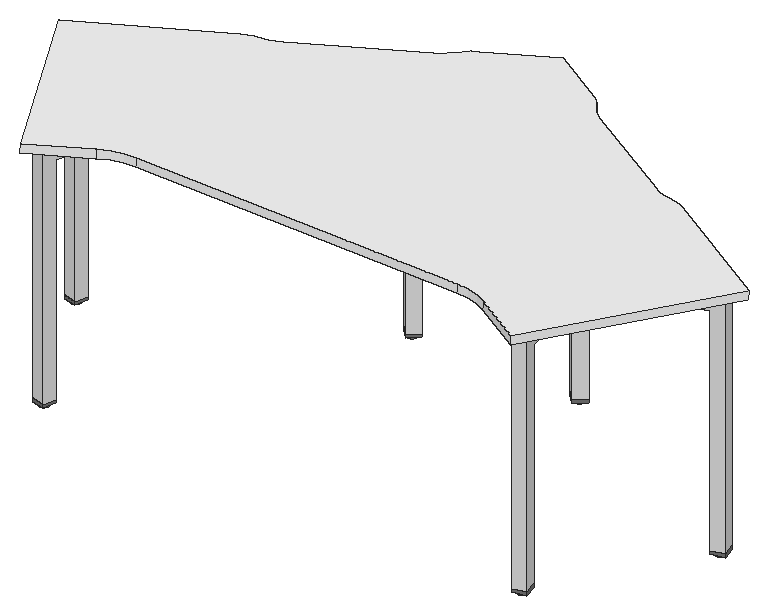
Revit family "Script Straight Leg 120 degree workstation 600 Deep", category Furniture, Revit 2016
Family settings
  OmniClass Number = 23.40.20.00
  OmniClass Title = General Furniture and Specialties
  Work Plane-Based = No
  Always vertical = Yes
  Cut with Voids When Loaded = No
  Shared = No
  Room Calculation Point = No
Parameters
  URL = "www.gof.co.uk"
  Type Comments = ""
  Product Code = "XDYS126"
  Desktop = Gresham - White MFC
  Model = ""
  Manufacturer = "Gresham Office Furniture"  # constant formula
  Frame = Gresham - Silver Metal
  Foot = Gresham - Black Plastic
  Assembly Code = "E2020200"
Reference planes
  plane 1 "Center (Front/Back)": y = 28.205
  plane 2: z = 0
  plane 3 "Center (Left/Right)": x = 0
  plane 4 "Desktop Underside": z = 702
  plane 5 "Foot": z = 15
  plane 6: y = 588.013
  plane 7: y = -531.603
  plane 8: x = 1039.23
  plane 9: x = -1039.23
Forms (mm)
  Extrusion 1, solid, material "Gresham - Silver Metal" <- "Frame"
    sketch origin (-300, 385.94, 702) x (0.707107, -0.707107, 0) y (0, 0, 1)
      loop
        line (444.264, -40) -> (444.264, 0) -> (50, 0) -> (50, -687) -> (90, -687) -> (90, -40) -> (444.264, -40)
    from -20 to 20
  Extrusion 2, solid, material "Gresham - Black Plastic" <- "Foot"
    sketch origin (0, -514.06, 15) x (0, -1, 0) y (1, 0, 0)
      loop
        line (-850.503, -278.787) -> (-822.218, -250.503) -> (-850.503, -222.218) -> (-878.787, -250.503) -> (-850.503, -278.787)
      loop
        line (-850.503, 278.787) -> (-878.787, 250.503) -> (-850.503, 222.218) -> (-822.218, 250.503) -> (-850.503, 278.787)
    from 0 to -10
  Extrusion 3, solid, material "Gresham - Black Plastic"
    sketch origin (0, -514.06, 0) x (0, 1, 0) y (-1, 0, 0)
      loop
        circle (850.503, 250.503) r 15
      loop
        circle (850.503, -250.503) r 15
    from 0 to 5
  Extrusion 4, solid, material "Gresham - Silver Metal" <- "Frame"
    sketch origin (300, 385.94, 702) x (-0.707107, -0.707107, 0) y (0, 0, 1)
      loop
        line (444.264, -40) -> (444.264, 0) -> (50, 0) -> (50, -687) -> (90, -687) -> (90, -40) -> (444.264, -40)
    from -20 to 20
  Extrusion 5, solid, material "Gresham - White MFC" <- "Desktop"
    sketch origin (-75914.205, -35054.404, 702) x (-1, 0, 0) y (0, -1, 0)
      loop
        line (-76087.41, -35542.417) -> (-75914.205, -35642.417) -> (-75741, -35542.417)
        arc (-75741, -35542.417) -> (-75718.866, -35525.981) -> (-75701.067, -35504.928) r 120
        arc (-75701.067, -35504.928) -> (-75683.269, -35483.875) -> (-75661.135, -35467.44) r 120
        line (-75661.135, -35467.44) -> (-75352.23, -35289.093)
        arc (-75352.23, -35289.093) -> (-75326.93, -35278.143) -> (-75299.798, -35273.255) r 120
        arc (-75299.798, -35273.255) -> (-75272.666, -35268.368) -> (-75247.365, -35257.417) r 120
        line (-75247.365, -35257.417) -> (-74874.974, -35042.417) -> (-75174.974, -34522.802) -> (-75330.859, -34612.802)
        arc (-75330.859, -34612.802) -> (-75379.095, -34632.782) -> (-75430.859, -34639.597) r 200
        line (-75430.859, -34639.597) -> (-76397.551, -34639.597)
        arc (-76397.551, -34639.597) -> (-76449.315, -34632.782) -> (-76497.551, -34612.802) r 200
        line (-76497.551, -34612.802) -> (-76653.435, -34522.802) -> (-76953.435, -35042.417) -> (-76581.045, -35257.417)
        arc (-76581.045, -35257.417) -> (-76555.744, -35268.368) -> (-76528.612, -35273.255) r 120
        arc (-76528.612, -35273.255) -> (-76501.48, -35278.143) -> (-76476.18, -35289.093) r 120
        line (-76476.18, -35289.093) -> (-76167.275, -35467.44)
        arc (-76167.275, -35467.44) -> (-76145.141, -35483.875) -> (-76127.342, -35504.928) r 120
        arc (-76127.342, -35504.928) -> (-76109.544, -35525.981) -> (-76087.41, -35542.417) r 120
    from 0 to 25
  Extrusion 6, solid, material "Gresham - Silver Metal" <- "Frame"
    sketch origin (1039.23, -11.987, 702) x (-0.965926, -0.258819, 0) y (0, 0, 1)
      loop
        line (444.264, -40) -> (444.264, 0) -> (50, 0) -> (50, -687) -> (90, -687) -> (90, -40) -> (444.264, -40)
    from -20 to 20
  Extrusion 7, solid, material "Gresham - Black Plastic" <- "Foot"
    sketch origin (109.808, 178.205, 15) x (-0.866025, 0.5, 0) y (-0.5, -0.866025, 0)
      loop
        line (-850.503, -278.787) -> (-822.218, -250.503) -> (-850.503, -222.218) -> (-878.787, -250.503) -> (-850.503, -278.787)
      loop
        line (-850.503, 278.787) -> (-878.787, 250.503) -> (-850.503, 222.218) -> (-822.218, 250.503) -> (-850.503, 278.787)
    from 0 to -10
  Extrusion 8, solid, material "Gresham - Black Plastic"
    sketch origin (109.808, 178.205, 0) x (0.866025, -0.5, 0) y (0.5, 0.866025, 0)
      loop
        circle (850.503, 250.503) r 15
      loop
        circle (850.503, -250.503) r 15
    from 0 to 5
  Extrusion 9, solid, material "Gresham - Silver Metal" <- "Frame"
    sketch origin (739.23, -531.603, 702) x (-0.258819, 0.965926, 0) y (0, 0, 1)
      loop
        line (444.264, -40) -> (444.264, 0) -> (50, 0) -> (50, -687) -> (90, -687) -> (90, -40) -> (444.264, -40)
    from -20 to 20
  Extrusion 10, solid, material "Gresham - Silver Metal" <- "Frame"
    sketch origin (-1039.23, -11.987, 702) x (0.965926, -0.258819, 0) y (0, 0, 1)
      loop
        line (444.264, -40) -> (444.264, 0) -> (50, 0) -> (50, -687) -> (90, -687) -> (90, -40) -> (444.264, -40)
    from -20 to 20
  Extrusion 11, solid, material "Gresham - Black Plastic" <- "Foot"
    sketch origin (-109.808, 178.205, 15) x (0.866025, 0.5, 0) y (-0.5, 0.866025, 0)
      loop
        line (-850.503, 278.787) -> (-878.787, 250.503) -> (-850.503, 222.218) -> (-822.218, 250.503) -> (-850.503, 278.787)
      loop
        line (-850.503, -278.787) -> (-822.218, -250.503) -> (-850.503, -222.218) -> (-878.787, -250.503) -> (-850.503, -278.787)
    from 0 to -10
  Extrusion 12, solid, material "Gresham - Black Plastic"
    sketch origin (-109.808, 178.205, 0) x (-0.866025, -0.5, 0) y (0.5, -0.866025, 0)
      loop
        circle (850.503, -250.503) r 15
      loop
        circle (850.503, 250.503) r 15
    from 0 to 5
  Extrusion 13, solid, material "Gresham - Silver Metal" <- "Frame"
    sketch origin (-739.23, -531.603, 702) x (0.258819, 0.965926, 0) y (0, 0, 1)
      loop
        line (444.264, -40) -> (444.264, 0) -> (50, 0) -> (50, -687) -> (90, -687) -> (90, -40) -> (444.264, -40)
    from -20 to 20
Cuts and joins
  joined: Extrusion 1, Extrusion 4
  joined: Extrusion 6, Extrusion 9
  joined: Extrusion 10, Extrusion 13
Lines and regions (mm)
  reference lines
    curve 1: line (300, 385.94, 702) -> (0, 85.94, 702)
    curve 2: line (-300, 385.94, 702) -> (0, 85.94, 702)
    curve 3: line (739.23, -531.603, 702) -> (629.423, -121.795, 702)
    curve 4: line (1039.23, -11.987, 702) -> (629.423, -121.795, 702)
    curve 5: line (-739.23, -531.603, 702) -> (-629.423, -121.795, 702)
    curve 6: line (-1039.23, -11.987, 702) -> (-629.423, -121.795, 702)
Dimensions and locks
  locked: plane 4 "Desktop Underside" to plane 2 at 702
  locked: plane 2 to plane 5 "Foot" at 15
  equal spacing: plane 7, plane 1 "Center (Front/Back)", plane 6
  plane 7 to plane 6 = 1119.615 mm
  Extrusion 5 to Extrusion 5 = 2078.461 mm
  locked: curve 1 to cut or joined group of Extrusion 1, Extrusion 4 at 50
  locked: curve 2 to cut or joined group of Extrusion 1, Extrusion 4 at 50
  locked: curve 5 to Extrusion 13 at 50
  locked: curve 3 to cut or joined group of Extrusion 6, Extrusion 9 at 50
  aligned and locked: level to plane 2
Automatic sketch dimensions
  curve 2 to Extrusion 1 sketch curve = 0 mm
  curve 2 to Extrusion 1 sketch curve = 50 mm
  Extrusion 1 sketch curve to Extrusion 1 sketch curve = 40 mm
  curve 2 to Extrusion 1 sketch curve = 20 mm
  curve 2 to Extrusion 1 sketch curve = 40 mm
  Extrusion 1 sketch curve to curve 2 = 687 mm
  plane 6 to Extrusion 2 sketch curve = 223.286 mm  (x2)
  Extrusion 2 sketch curve to Extrusion 2 sketch curve = 28.284 mm  (x6)
  Extrusion 2 sketch curve to plane 3 "Center (Left/Right)" = 278.787 mm
  plane 3 "Center (Left/Right)" to Extrusion 2 sketch curve = 222.218 mm
  plane 6 to Extrusion 3 sketch curve = 251.57 mm  (x2)
  plane 3 "Center (Left/Right)" to Extrusion 3 sketch curve = 250.503 mm
  Extrusion 3 sketch curve to plane 3 "Center (Left/Right)" = 250.503 mm
  Extrusion 4 sketch curve to curve 1 = 0 mm
  curve 1 to Extrusion 4 sketch curve = 50 mm
  Extrusion 4 sketch curve to Extrusion 4 sketch curve = 40 mm
  curve 1 to Extrusion 4 sketch curve = 20 mm
  curve 1 to Extrusion 4 sketch curve = 40 mm
  Extrusion 4 sketch curve to curve 1 = 687 mm
  curve 3 to plane 7 = 0 mm
  curve 1 to plane 3 "Center (Left/Right)" = 0 mm
  curve 5 to plane 7 = 0 mm
  plane 1 "Center (Front/Back)" to curve 4 = 150 mm
  plane 3 "Center (Left/Right)" to curve 4 = 629.423 mm
  plane 1 "Center (Front/Back)" to curve 5 = 150 mm
  curve 5 to plane 3 "Center (Left/Right)" = 629.423 mm
  curve 1 to plane 1 "Center (Front/Back)" = 57.735 mm
  plane 3 "Center (Left/Right)" to curve 1 = 300 mm
  curve 3 to curve 3 = 109.808 mm
  plane 1 "Center (Front/Back)" to curve 4 = 40.192 mm
  curve 2 to plane 3 "Center (Left/Right)" = 300 mm
  curve 6 to curve 5 = 109.808 mm
  plane 1 "Center (Front/Back)" to curve 6 = 40.192 mm
  plane 6 to curve 1 = 202.073 mm
  Extrusion 5 sketch curve to plane 7 = 0 mm  (x2)
  Extrusion 5 sketch curve to plane 3 "Center (Left/Right)" = 0 mm
  plane 6 to Extrusion 5 sketch curve = 0 mm
  plane 3 "Center (Left/Right)" to Extrusion 5 sketch curve = 113.205 mm
  Extrusion 5 sketch curve to Extrusion 5 sketch curve = 60 mm  (x6)
  Extrusion 5 sketch curve to Extrusion 5 sketch curve = 79.865 mm  (x2)
  plane 6 to Extrusion 5 sketch curve = 71.054 mm  (x2)
  Extrusion 5 sketch curve to plane 7 = 83.205 mm  (x2)
  plane 3 "Center (Left/Right)" to Extrusion 5 sketch curve = 483.346 mm
  Extrusion 5 sketch curve to plane 1 "Center (Front/Back)" = 206.484 mm  (x2)
  Extrusion 5 sketch curve to Extrusion 5 sketch curve = 308.905 mm  (x2)
  plane 7 to Extrusion 5 sketch curve = 90 mm  (x2)
  Extrusion 5 sketch curve to Extrusion 5 sketch curve = 100 mm
  Extrusion 5 sketch curve to plane 1 "Center (Front/Back)" = 70.885 mm  (x2)
  Extrusion 5 sketch curve to Extrusion 5 sketch curve = 44.865 mm  (x2)
  Extrusion 5 sketch curve to plane 1 "Center (Front/Back)" = 174.808 mm  (x2)
  Extrusion 5 sketch curve to Extrusion 5 sketch curve = 104.865 mm  (x2)
  Extrusion 5 sketch curve to Extrusion 5 sketch curve = 155.885 mm  (x2)
  Extrusion 5 sketch curve to plane 3 "Center (Left/Right)" = 113.205 mm
  Extrusion 5 sketch curve to plane 3 "Center (Left/Right)" = 483.346 mm
  plane 6 to Extrusion 5 sketch curve = 100 mm  (x2)
  Extrusion 5 sketch curve to Extrusion 5 sketch curve = 74.977 mm  (x2)
  Extrusion 5 sketch curve to Extrusion 5 sketch curve = 103.923 mm  (x4)
  Extrusion 6 sketch curve to curve 4 = 0 mm
  curve 4 to Extrusion 6 sketch curve = 50 mm
  Extrusion 6 sketch curve to Extrusion 6 sketch curve = 40 mm
  curve 4 to Extrusion 6 sketch curve = 20 mm
  curve 4 to Extrusion 6 sketch curve = 40 mm
  Extrusion 6 sketch curve to curve 4 = 687 mm
  plane 1 "Center (Front/Back)" to Extrusion 7 sketch curve = 72.452 mm
  plane 3 "Center (Left/Right)" to Extrusion 7 sketch curve = 996.111 mm
  Extrusion 7 sketch curve to Extrusion 7 sketch curve = 0 mm
  Extrusion 7 sketch curve to Extrusion 7 sketch curve = 28.284 mm  (x6)
  Extrusion 7 sketch curve to Extrusion 7 sketch curve = 444.437 mm
  plane 7 to Extrusion 8 sketch curve = 67.615 mm
  plane 3 "Center (Left/Right)" to Extrusion 8 sketch curve = 721.113 mm
  Extrusion 8 sketch curve to Extrusion 8 sketch curve = 0 mm
  Extrusion 8 sketch curve to Extrusion 8 sketch curve = 501.005 mm
  Extrusion 9 sketch curve to curve 3 = 0 mm
  curve 3 to Extrusion 9 sketch curve = 50 mm
  Extrusion 9 sketch curve to Extrusion 9 sketch curve = 40 mm
  curve 3 to Extrusion 9 sketch curve = 20 mm
  curve 3 to Extrusion 9 sketch curve = 40 mm
  Extrusion 9 sketch curve to curve 3 = 687 mm
  curve 6 to Extrusion 10 sketch curve = 0 mm
  curve 6 to Extrusion 10 sketch curve = 50 mm
  Extrusion 10 sketch curve to Extrusion 10 sketch curve = 40 mm
  curve 6 to Extrusion 10 sketch curve = 20 mm
  curve 6 to Extrusion 10 sketch curve = 40 mm
  Extrusion 10 sketch curve to curve 6 = 687 mm
  plane 1 "Center (Front/Back)" to Extrusion 11 sketch curve = 72.452 mm
  Extrusion 11 sketch curve to plane 3 "Center (Left/Right)" = 996.111 mm
  Extrusion 11 sketch curve to Extrusion 11 sketch curve = 0 mm
  Extrusion 11 sketch curve to Extrusion 11 sketch curve = 28.284 mm  (x6)
  Extrusion 11 sketch curve to Extrusion 11 sketch curve = 444.437 mm
  plane 7 to Extrusion 12 sketch curve = 67.615 mm
  Extrusion 12 sketch curve to plane 3 "Center (Left/Right)" = 721.113 mm
  Extrusion 12 sketch curve to Extrusion 12 sketch curve = 0 mm
  Extrusion 12 sketch curve to Extrusion 12 sketch curve = 501.005 mm
  curve 5 to Extrusion 13 sketch curve = 0 mm
  curve 5 to Extrusion 13 sketch curve = 50 mm
  Extrusion 13 sketch curve to Extrusion 13 sketch curve = 40 mm
  curve 5 to Extrusion 13 sketch curve = 20 mm
  curve 5 to Extrusion 13 sketch curve = 40 mm
  Extrusion 13 sketch curve to curve 5 = 687 mm
  radius of Extrusion 3 sketch curve = 15 mm  (x2)
  radius of Extrusion 8 sketch curve = 15 mm  (x2)
  radius of Extrusion 12 sketch curve = 15 mm  (x2)
